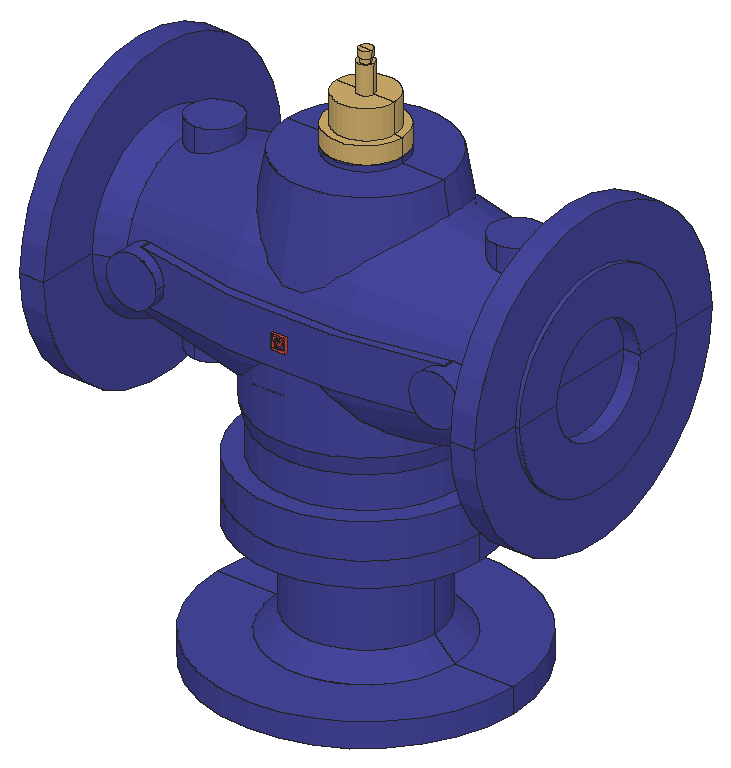
Revit family "Regelventil 4037", category Rohrzubehör, Revit 2021
Family settings
  Bemaßung runder Anschluss = Durchmesser verwenden
  Teiletyp = Unterbricht
  OmniClass-Nummer = 23.65.55.14
  OmniClass-Titel = Valves for Liquid Services
  Arbeitsebenenbasiert = Nein
  Immer vertikal = Ja
  Beim Laden mit Abzugskörper schneiden = Nein
  Gemeinsam genutzt = Nein
Parameters (values of type "kvs63")
  kvs63 = yes
  kvs6.3 = no
  kvs40 = no
  kvs4 = no
  kvs330 = no
  kvs250 = no
  kvs25 = no
  kvs2.5 = no
  kvs160 = no
  kvs16 = no
  kvs100 = no
  kvs10 = no
  kvs1.6 = no
  kvs1 = no
  Vorgabe-Ansicht = 0 mm
  Ventilsitz = "WN1.4021"  # constant formula
  Ventilkegel = "WN1.4021/Messing"  # constant formula
  Ventilcharakteristik = "gleichprozentig"  # constant formula
  URL = "www.herz-armaturen.at"
  Spindel = "WN1.4404"  # constant formula
  SCTWSEQ = "FW;SBT_TYP_FW=\"101\";3"
  SCTWCODE = "04;05;03"  # constant formula
  SCRNSEQ = "ARM;ARM_TYP=\"MISV\";3"
  SCRNCODE = "05;18;03"  # constant formula
  R14 = 4 mm  # constant formula
  R13 = 3 mm  # constant formula
  R12 = 5 mm  # constant formula
  R11 [instance] = size_lookup("4037_", "R11", 18 mm, Nennweite)  # 18 mm
  R10 [instance] = size_lookup("4037_", "R10", 23 mm, Nennweite)  # 23 mm
  R09 [instance] = size_lookup("4037_", "R9", 49 mm, Nennweite)  # 49 mm
  R08 [instance] = R00 + 3 mm  # 68 mm
  R07 [instance] = size_lookup("4037_", "R7", 15.5 mm, Nennweite)  # 15.5 mm
  R06 [instance] = size_lookup("4037_", "R6", 15.5 mm, Nennweite)  # 15.5 mm
  R05 [instance] = size_lookup("4037_", "R5", 62.5 mm, Nennweite)  # 62.5 mm
  R04 [instance] = size_lookup("4037_", "R4", 59.5 mm, Nennweite)  # 59.5 mm
  R03 [instance] = size_lookup("4037_", "R3", 43 mm, Nennweite)  # 71 mm
  R02 [instance] = size_lookup("4037_", "R2", 43 mm, Nennweite)  # 43 mm
  R01 [instance] = size_lookup("4037_", "R1", 55.5 mm, Nennweite)  # 55.5 mm
  R00 [instance] = size_lookup("4037_", "R", 65 mm, Nennweite)  # 65 mm
  PN = 16  # constant formula
  Nennweite [instance] = 65 mm
  Min. Betriebstemperatur = 5 °C  # constant formula
  Medium = "Wasserbeschaffenheit gemäß ÖNORM H 5195 und VDI 2035."
  Max. Betriebstemperatur = 150 °C  # constant formula
  Max. Betriebsdruck = 1600000.0 Pa  # constant formula
  LO1 [instance] = size_lookup("4037_", "LO1", 28.5 mm, Nennweite)  # 68 mm
  L07 [instance] = L06 - R06  # 94.5 mm
  L06 [instance] = size_lookup("4037_", "L6", 110 mm, Nennweite)  # 110 mm
  L05 [instance] = D00  # 92.5 mm
  L04 = 12.5 mm  # constant formula
  L03 = 10 mm  # constant formula
  L02 [instance] = size_lookup("4037_", "L2", 15 mm, Nennweite)  # 15 mm
  L01 = 3 mm  # constant formula
  L00 [instance] = size_lookup("4037_", "L", 145 mm, Nennweite)  # 145 mm
  Hersteller = "Herz-Armaturen GmbH"  # constant formula
  H16 [instance] = size_lookup("4037_", "H16", 22 mm, Nennweite)  # 22 mm
  H15 = 4 mm  # constant formula
  H14 [instance] = size_lookup("4037_", "H14", 17 mm, Nennweite)  # 17 mm
  H13 [instance] = size_lookup("4037_", "H13", 18 mm, Nennweite)  # 18 mm
  H12 [instance] = size_lookup("4037_", "H12", 10.5 mm, Nennweite)  # 10.5 mm
  H11 [instance] = size_lookup("4037_", "H11", 52.5 mm, Nennweite)  # 52.5 mm
  H10 [instance] = size_lookup("4037_", "H10", 135.4 mm, Nennweite)  # 135.4 mm
  H09 = 3 mm  # constant formula
  H08 [instance] = size_lookup("4037_", "H8", 79 mm, Nennweite)  # 79 mm
  H07 [instance] = R00  # 65 mm
  H06 [instance] = size_lookup("4037_", "H6", 59 mm, Nennweite)  # 59 mm
  H05 [instance] = size_lookup("4037_", "H5", 20 mm, Nennweite)  # 20 mm
  H04 [instance] = size_lookup("4037_", "H4", 17 mm, Nennweite)  # 17 mm
  H02 [instance] = size_lookup("4037_", "H2", 38 mm, Nennweite)  # 38 mm
  H01 [instance] = size_lookup("4037_", "H1", 208 mm, Nennweite)  # 208 mm
  H03 [instance] = size_lookup("4037_", "H3", 112 mm, Nennweite)  # 112 mm
  Gewicht [instance] = size_lookup("4037_", "Gewicht", 25, Nennweite)  # 25
  Gehäuse = "EN-GJL-250 (EN 1561)"  # constant formula
  Dichtungsmaterial = "70EPDM"  # constant formula
  DN80 [instance] = Nennweite = 80 mm  # no
  DN65 [instance] = Nennweite = 65 mm  # yes
  DN50 [instance] = Nennweite = 50 mm  # no
  DN40 [instance] = Nennweite = 40 mm  # no
  DN32 [instance] = Nennweite = 32 mm  # no
  DN25 [instance] = Nennweite = 25 mm  # no
  DN150 [instance] = Nennweite = 150 mm  # no
  DN15 [instance] = Nennweite = 15 mm  # no
  DN125 [instance] = Nennweite = 125 mm  # no
  DN100 [instance] = Nennweite = 100 mm  # no
  D02 [instance] = Nennweite / 2  # 32.5 mm
  D01 [instance] = size_lookup("4037_", "D1", 61 mm, Nennweite)  # 61 mm
  D00 [instance] = size_lookup("4037_", "D", 92.5 mm, Nennweite)  # 92.5 mm
  Bestellnummer [instance] = if(and(kvs1, Nennweite = 15 mm), 403701, if(and(kvs1.6, Nennweite = 15 mm), 403711, if(and(kvs2.5, Nennweite = 15 mm), 403721, if(and(kvs4, Nennweite = 15 mm), 403731, if(and(kvs6.3, Nennweite = 25 mm), 403703, if(and(kvs10, Nennweite = 25 mm), 403713, if(and(kvs16, Nennweite = 32 mm), 403704, if(and(kvs25, Nennweite = 40 mm), 403705, if(and(kvs40, Nennweite = 50 mm), 403706, if(and(kvs63, Nennweite = 65 mm), 403707, if(and(kvs100, Nennweite = 80 mm), 403708, if(and(kvs160, Nennweite = 100 mm), 403709, if(and(kvs250, Nennweite = 125 mm), 403710, if(and(kvs330, Nennweite = 150 mm), 403741, 0))))))))))))))  # 403707
  Anwendungsgebiet = "Das Ventil kann in nahezu allen Heizungs-, Lüftungs- und Klimaanlagen sowie für industrielle und technologische\r\nProzesse eingesetzt werden. Das 3-Wege-Flanschventil ist als Mischventil konzipiert. Es kann zum Mischen oder\r\nzur Umschaltung zwischen zwei eintretenden Mediumsströmen verwendet werden. Die Ventilcharakteristik ist\r\ngleichprozentig. Das Regelungsverhältnis (Verhältnis zwischen nominalem und minimalem Durchfluss) beträgt 30:1. Die\r\nAuswahl des Dreiwege-Flanschventils erfolgt entsprechend dem Diagramm über die kvs-Werte."
  Anschlussflansch = "EN 1092-2"  # constant formula
Types (15, lengths in mm): name | kvs63 | kvs6.3 | kvs40 | kvs4 | kvs330 | kvs250 | kvs25 | kvs2.5 | kvs160 | kvs16 | kvs100 | kvs10 | kvs1.6 | kvs1 | R11 | R10 | R09 | R08 | R07 | R06 | R05 | R04 | R03 | R02 | R01 | R00 | Nennweite | LO1 | L07 | L06 | L05 | L02 | L00 | H16 | H14 | H13 | H12 | H11 | H10 | H08 | H07 | H06 | H05 | H04 | H02 | H01 | H03 | Gewicht | DN80 | DN65 | DN50 | DN40 | DN32 | DN25 | DN150 | DN15 | DN125 | DN100 | D02 | D01 | D00 | Bestellnummer
  (no name) | yes | no | no | no | no | no | no | no | no | no | no | no | no | no | 18 | 23 | 49 | 68 | 15.5 | 15.5 | 62.5 | 59.5 | 71 | 43 | 55.5 | 65 | 65 | 68 | 94.5 | 110 | 92.5 | 15 | 145 | 22 | 17 | 18 | 10.5 | 52.5 | 135.4 | 79 | 65 | 59 | 20 | 17 | 38 | 208 | 112 | 25 | no | yes | no | no | no | no | no | no | no | no | 32.5 | 61 | 92.5 | 403707
  kvs1 | no | no | no | no | no | no | no | no | no | no | no | no | no | yes | 10 | 15 | 19.5 | 29.5 | 6 | 6 | 24 | 21 | 32.5 | 14 | 17 | 26.5 | 15 | 27.5 | 34 | 40 | 47.5 | 11 | 65 | 18 | 13 | 14 | 6.8 | 40.8 | 80.3 | 36.5 | 26.5 | 24.5 | 5 | 13 | 11 | 110 | 49 | 5 | no | no | no | no | no | no | no | yes | no | no | 7.5 | 22.5 | 47.5 | 403701
  kvs1.6 | no | no | no | no | no | no | no | no | no | no | no | no | yes | no | 10 | 15 | 19.5 | 29.5 | 6 | 6 | 24 | 21 | 32.5 | 14 | 17 | 26.5 | 15 | 27.5 | 34 | 40 | 47.5 | 11 | 65 | 18 | 13 | 14 | 6.8 | 40.8 | 80.3 | 36.5 | 26.5 | 24.5 | 5 | 13 | 11 | 110 | 49 | 5 | no | no | no | no | no | no | no | yes | no | no | 7.5 | 22.5 | 47.5 | 403711
  kvs2.5 | no | no | no | no | no | no | no | yes | no | no | no | no | no | no | 10 | 15 | 19.5 | 29.5 | 6 | 6 | 24 | 21 | 32.5 | 14 | 17 | 26.5 | 15 | 27.5 | 34 | 40 | 47.5 | 11 | 65 | 18 | 13 | 14 | 6.8 | 40.8 | 80.3 | 36.5 | 26.5 | 24.5 | 5 | 13 | 11 | 110 | 49 | 5 | no | no | no | no | no | no | no | yes | no | no | 7.5 | 22.5 | 47.5 | 403721
  kvs4 | no | no | no | yes | no | no | no | no | no | no | no | no | no | no | 10 | 15 | 19.5 | 29.5 | 6 | 6 | 24 | 21 | 32.5 | 14 | 17 | 26.5 | 15 | 27.5 | 34 | 40 | 47.5 | 11 | 65 | 18 | 13 | 14 | 6.8 | 40.8 | 80.3 | 36.5 | 26.5 | 24.5 | 5 | 13 | 11 | 110 | 49 | 5 | no | no | no | no | no | no | no | yes | no | no | 7.5 | 22.5 | 47.5 | 403731
  kvs6.3 | no | yes | no | no | no | no | no | no | no | no | no | no | no | no | 10 | 15 | 19.5 | 41 | 7 | 7 | 35.5 | 32.5 | 44 | 19.5 | 28.5 | 38 | 25 | 40 | 45 | 52 | 57.5 | 13 | 80 | 20 | 13 | 14 | 6.8 | 40.8 | 88.3 | 44.5 | 38 | 35 | 5 | 15 | 3 | 121 | 64 | 8 | no | no | no | no | no | yes | no | no | no | no | 12.5 | 34 | 57.5 | 403703
  kvs10 | no | no | no | no | no | no | no | no | no | no | no | yes | no | no | 10 | 15 | 19.5 | 41 | 7 | 7 | 35.5 | 32.5 | 44 | 19.5 | 28.5 | 38 | 25 | 40 | 45 | 52 | 57.5 | 13 | 80 | 20 | 13 | 14 | 6.8 | 40.8 | 88.3 | 44.5 | 38 | 35 | 5 | 15 | 3 | 121 | 64 | 8 | no | no | no | no | no | yes | no | no | no | no | 12.5 | 34 | 57.5 | 403713
  kvs16 | no | no | no | no | no | no | no | no | no | yes | no | no | no | no | 10 | 15 | 20.5 | 46 | 9 | 9 | 40.5 | 37.5 | 49 | 24.5 | 33.5 | 43 | 32 | 45 | 51 | 60 | 70 | 13 | 90 | 20 | 17 | 18 | 10.5 | 52.5 | 102 | 46.5 | 43 | 39 | 15 | 15 | 4 | 142 | 84 | 11.5 | no | no | no | no | yes | no | no | no | no | no | 16 | 39 | 70 | 403704
  kvs25 | no | no | no | no | no | no | yes | no | no | no | no | no | no | no | 10 | 15 | 20.5 | 51 | 12 | 12 | 45.5 | 42.5 | 54 | 29 | 38.5 | 48 | 40 | 50 | 56 | 68 | 75 | 13 | 100 | 20 | 17 | 18 | 10.5 | 52.5 | 112 | 56.5 | 48 | 43 | 20 | 15 | 1 | 149 | 94 | 13 | no | no | no | yes | no | no | no | no | no | no | 20 | 44 | 75 | 403705
  kvs63 | yes | no | no | no | no | no | no | no | no | no | no | no | no | no | 18 | 23 | 49 | 68 | 15.5 | 15.5 | 62.5 | 59.5 | 71 | 43 | 55.5 | 65 | 65 | 68 | 94.5 | 110 | 92.5 | 15 | 145 | 22 | 17 | 18 | 10.5 | 52.5 | 135.4 | 79 | 65 | 59 | 20 | 17 | 38 | 208 | 112 | 25 | no | yes | no | no | no | no | no | no | no | no | 32.5 | 61 | 92.5 | 403707
  kvs100 | no | no | no | no | no | no | no | no | no | no | yes | no | no | no | 18 | 23 | 49 | 76 | 15.5 | 15.5 | 70.5 | 67.5 | 79 | 51 | 63.5 | 73 | 80 | 77 | 99.5 | 115 | 100 | 17 | 155 | 24 | 17 | 18 | 10.5 | 52.5 | 168.5 | 113 | 73 | 65 | 20 | 19 | 46 | 233 | 125 | 31 | yes | no | no | no | no | no | no | no | no | no | 40 | 69 | 100 | 403708
  kvs160 | no | no | no | no | no | no | no | no | yes | no | no | no | no | no | 30 | 35 | 61 | 86 | 20.5 | 20.5 | 80.5 | 77.5 | 89 | 61 | 73.5 | 83 | 100 | 88 | 112.5 | 133 | 110 | 17 | 175 | 24 | 21 | 22 | 14.2 | 64.2 | 189.7 | 122.5 | 83 | 73 | 25 | 19 | 65 | 262 | 135 | 46 | no | no | no | no | no | no | no | no | no | yes | 50 | 79 | 110 | 403709
  kvs250 | no | no | no | no | no | yes | no | no | no | no | no | no | no | no | 30 | 35 | 61 | 101 | 20.5 | 20.5 | 95.5 | 92.5 | 104 | 76 | 88.5 | 98 | 125 | 103 | 134.5 | 155 | 125 | 19 | 200 | 26 | 21 | 22 | 14.2 | 64.2 | 231 | 163.5 | 98 | 80 | 30 | 21 | 44 | 268 | 158 | 72 | no | no | no | no | no | no | no | no | yes | no | 62.5 | 94 | 125 | 403710
  kvs330 | no | no | no | no | yes | no | no | no | no | no | no | no | no | no | 30 | 35 | 61 | 113 | 20.5 | 20.5 | 107.5 | 104.5 | 116 | 88 | 100.5 | 110 | 150 | 115 | 174.5 | 195 | 142.5 | 19 | 240 | 26 | 21 | 22 | 14.2 | 64.2 | 237.5 | 170 | 110 | 85 | 25 | 21 | 42 | 261 | 153 | 91 | no | no | no | no | no | no | yes | no | no | no | 75 | 106 | 142.5 | 403741
  kvs40 | no | no | yes | no | no | no | no | no | no | no | no | no | no | no | 18 | 23 | 49 | 56 | 13.5 | 13.5 | 52.5 | 49.5 | 61 | 34 | 45.5 | 53 | 50 | 56 | 66.5 | 80 | 82.5 | 15 | 115 | 20 | 17 | 18 | 10.5 | 52.5 | 122 | 66.5 | 53 | 43 | 1 | 15 | 42 | 167 | 67 | 16 | no | no | yes | no | no | no | no | no | no | no | 25 | 51 | 82.5 | 403706
Reference planes
  plane 1 "Mitte (Vorne/hinten)": y = 0
  plane 2: z = 0
  plane 3 "Mitte (Links/rechts)": x = 0
Forms (mm)
  Revolve 1, solid, material "kunststoff-BLAU", detail levels fine
    sketch origin (1065, 0, 0) x (1, 0, 0) y (0, 1, 0)
      loop
        line (-1207, 61) -> (-1210, 61) -> (-1210, 32.5) -> (-1200, 32.5) -> (-1200, 0) -> (-930, 0) -> (-930, 32.5) -> (-920, 32.5) -> (-920, 61) -> (-923, 61) -> (-923, 92.5) -> (-938, 92.5) -> (-938, 55.5) -> (-955, 49.943)
        arc (-955, 49.943) -> (-1065, 65) -> (-1175, 49.943) r 409.331
        line (-1175, 49.943) -> (-1192, 55.5) -> (-1192, 92.5) -> (-1207, 92.5) -> (-1207, 61)
      axis (-920, 0) -> (-1210, 0)
    angle from 0 to 360
  Extrusion 2, solid, material "kunststoff-BLAU", detail levels fine
    sketch origin (0, 0, 0) x (-1, 0, 0) y (0, 0, -1)
      loop
        circle (94.5, 0) r 15.5
      loop
        circle (-94.5, 0) r 15.5
    from -65 to 65
  Extrusion 3, solid, material "kunststoff-BLAU", visible <- "DN65", detail levels fine
    sketch origin (0, 0, 0) x (1, 0, 0) y (0, 1, 0)
      loop
        arc (-95, -56.907) -> (0, -68) -> (95, -56.907) r 412.331
        line (95, -56.907) -> (95, 56.907)
        arc (95, 56.907) -> (0, 68) -> (-95, 56.907) r 412.331
        line (-95, 56.907) -> (-95, -56.907)
    from -15.5 to 15.5
  Revolve 4, solid, material "kunststoff-BLAU", detail levels fine
    sketch origin (0, 0, 0) x (1, 0, 0) y (0, 0, 1)
      loop
        line (-49, 79) -> (-62.5, 0) -> (0, 0) -> (0, 82) -> (-23, 82) -> (-23, 79) -> (-49, 79)
      axis (0, 82) -> (0, 0)
    angle from 0 to 360
  Revolve 5, solid, material "kunststoff-BLAU", detail levels fine
    sketch origin (0, 0, 0) x (1, 0, 0) y (0, 0, 1)
      loop
        line (0, 0) -> (-62.5, 0) -> (-62.5, -59) -> (-59.5, -70) -> (-59.5, -90) -> (-71, -90) -> (-71, -112) -> (0, -112) -> (0, 0)
      axis (0, 0) -> (0, -112)
    angle from 0 to 360
  Revolve 6, solid, material "kunststoff-BLAU", detail levels fine
    sketch origin (0, 0, 0) x (1, 0, 0) y (0, 0, 1)
      loop
        line (-61, -205) -> (-61, -208) -> (-32.5, -208) -> (-32.5, -198) -> (0, -198) -> (0, -112) -> (-71, -112) -> (-71, -127) -> (-55.5, -127) -> (-43, -139.5) -> (-43, -177.5) -> (-55.5, -190) -> (-92.5, -190) -> (-92.5, -205) -> (-61, -205)
      axis (0, -112) -> (0, -208)
    angle from 0 to 360
  Extrusion 7, solid, material "kunststoff-BLAU", detail levels fine
    sketch origin (0, 0, 0) x (0, -1, 0) y (1, 0, 0)
      loop
        circle (0, -94.5) r 15.5
      loop
        circle (0, 94.5) r 15.5
    from -65 to 65
  Extrusion 8, solid, material "kunststoff-BLAU", visible <- "DN150", detail levels fine
    sketch origin (0, 0, 0) x (1, 0, 0) y (0, 1, 0)
      loop
        arc (-179.5, -78.475) -> (0, -115) -> (179.5, -78.475) r 459.331
        line (179.5, -78.475) -> (179.5, 78.475)
        arc (179.5, 78.475) -> (0, 115) -> (-179.5, 78.475) r 459.331
        line (-179.5, 78.475) -> (-179.5, -78.475)
    from -20.5 to 20.5
  Extrusion 9, solid, material "kunststoff-BLAU", visible <- "DN125", detail levels fine
    sketch origin (0, 0, 0) x (1, 0, 0) y (0, 1, 0)
      loop
        arc (-134.5, -82.301) -> (0, -103) -> (134.5, -82.301) r 447.331
        line (134.5, -82.301) -> (134.5, 82.301)
        arc (134.5, 82.301) -> (0, 103) -> (-134.5, 82.301) r 447.331
        line (-134.5, 82.301) -> (-134.5, -82.301)
    from -20.5 to 20.5
  Extrusion 10, solid, material "kunststoff-BLAU", visible <- "DN100", detail levels fine
    sketch origin (0, 0, 0) x (1, 0, 0) y (0, 1, 0)
      loop
        arc (-112.5, -73.106) -> (0, -88) -> (112.5, -73.106) r 432.331
        line (112.5, -73.106) -> (112.5, 73.106)
        arc (112.5, 73.106) -> (0, 88) -> (-112.5, 73.106) r 432.331
        line (-112.5, 73.106) -> (-112.5, -73.106)
    from -20.5 to 20.5
  Extrusion 11, solid, material "kunststoff-BLAU", visible <- "DN80", detail levels fine
    sketch origin (0, 0, 0) x (1, 0, 0) y (0, 1, 0)
      loop
        line (99.5, -65.083) -> (99.5, 65.083)
        arc (99.5, 65.083) -> (0, 77) -> (-99.5, 65.083) r 421.331
        line (-99.5, 65.083) -> (-99.5, -65.083)
        arc (-99.5, -65.083) -> (0, -77) -> (99.5, -65.083) r 421.331
    from -15.5 to 15.5
  Extrusion 12, solid, material "kunststoff-BLAU", visible <- "DN50", detail levels fine
    sketch origin (0, 0, 0) x (1, 0, 0) y (0, 1, 0)
      loop
        arc (-66.5, -50.44) -> (0, -56.006) -> (66.5, -50.44) r 400.05
        line (66.5, -50.44) -> (66.5, 50.44)
        arc (66.5, 50.44) -> (0, 56.006) -> (-66.5, 50.44) r 400.05
        line (-66.5, 50.44) -> (-66.5, -50.44)
    from -13.5 to 13.5
  Extrusion 13, solid, material "kunststoff-BLAU", visible <- "DN40", detail levels fine
    sketch origin (0, 0, 0) x (1, 0, 0) y (0, 1, 0)
      loop
        arc (-56, -46.003) -> (0, -50) -> (56, -46.003) r 394.331
        line (56, -46.003) -> (56, 46.003)
        arc (56, 46.003) -> (0, 50) -> (-56, 46.003) r 394.331
        line (-56, 46.003) -> (-56, -46.003)
    from -12 to 12
  Extrusion 14, solid, material "kunststoff-BLAU", visible <- "DN32", detail levels fine
    sketch origin (0, 0, 0) x (1, 0, 0) y (0, 1, 0)
      loop
        arc (-51, -41.645) -> (0, -45) -> (51, -41.645) r 389.331
        line (51, -41.645) -> (51, 41.645)
        arc (51, 41.645) -> (0, 45) -> (-51, 41.645) r 389.331
        line (-51, 41.645) -> (-51, -41.645)
    from -9 to 9
  Extrusion 15, solid, material "kunststoff-BLAU", visible <- "DN25", detail levels fine
    sketch origin (0, 0, 0) x (1, 0, 0) y (0, 1, 0)
      loop
        line (45, -37.356) -> (45, 37.356)
        arc (45, 37.356) -> (0, 40) -> (-45, 37.356) r 384.331
        line (-45, 37.356) -> (-45, -37.356)
        arc (-45, -37.356) -> (0, -40) -> (45, -37.356) r 384.331
    from -7 to 7
  Extrusion 16, solid, material "kunststoff-BLAU", visible <- "DN15", detail levels fine
    sketch origin (0, 0, 0) x (1, 0, 0) y (0, 1, 0)
      loop
        line (-34, 25.942) -> (-34, -25.942)
        arc (-34, -25.942) -> (0, -27.5) -> (34, -25.942) r 371.831
        line (34, -25.942) -> (34, 25.942)
        arc (34, 25.942) -> (0, 27.5) -> (-34, 25.942) r 371.831
    from -6 to 6
  Revolve 17, solid, material "Messing-poliert", detail levels fine
    sketch origin (0, 0, 0) x (1, 0, 0) y (0, 0, 1)
      loop
        line (-23, 93.4) -> (-23, 82.9) -> (0, 82.9) -> (0, 135.4) -> (-4, 135.4) -> (-4, 131.4) -> (-3, 131.4) -> (-3, 128.4) -> (-5, 128.4) -> (-5, 111.4) -> (-18, 111.4) -> (-18, 93.4) -> (-23, 93.4)
      axis (0, 135.4) -> (0, 82.9)
    angle from 0 to 360
Lines and regions (mm)
  model lines, detail levels coarse+medium
    curve 1: line (-145, 0, 92.5) -> (-145, 0, -92.5)
    curve 2: line (-145, 0, -92.5) -> (145, 0, 92.5)
    curve 3: line (145, 0, 92.5) -> (145, 0, -92.5)
    curve 4: line (145, 0, -92.5) -> (-145, 0, 92.5)
    curve 5: line (0, 0, 0) -> (92.5, 0, -208)
    curve 6: line (92.5, 0, -208) -> (-92.5, 0, -208)
    curve 7: line (-92.5, 0, -208) -> (0, 0, 0)
    curve 8: line (-145, 92.5, 0) -> (-145, -92.5, 0)
    curve 9: line (-145, -92.5, 0) -> (145, 92.5, 0)
    curve 10: line (145, 92.5, 0) -> (145, -92.5, 0)
    curve 11: line (145, -92.5, 0) -> (-145, 92.5, 0)
    curve 12: line (0, 0, 0) -> (92.5, -208, 0)
    curve 13: line (92.5, -208, 0) -> (-92.5, -208, 0)
    curve 14: line (-92.5, -208, 0) -> (0, 0, 0)
Dimensions and locks
  "L00": Revolve 1 sketch curve to plane 3 "Mitte (Links/rechts)" to Revolve 1 sketch curve
  "D00": plane 1 "Mitte (Vorne/hinten)" to Revolve 1 sketch curve  (x2)
  "D02": plane 1 "Mitte (Vorne/hinten)" to Revolve 1 sketch curve  (x2)
  "L01": Revolve 1 sketch curve to Revolve 1 sketch curve  (x2)
  "L02": Revolve 1 sketch curve to Revolve 1 sketch curve  (x2)
  "D01": plane 1 "Mitte (Vorne/hinten)" to Revolve 1 sketch curve  (x2)
  "R01": plane 1 "Mitte (Vorne/hinten)" to Revolve 1 sketch curve  (x2)
  "R00": Revolve 1 sketch curve to Revolve 1 sketch curve
  "L03": Revolve 1 sketch curve to Revolve 1 sketch curve  (x2)
  "D02": plane 3 "Mitte (Links/rechts)" to Revolve 6 sketch curve
  "R02": plane 3 "Mitte (Links/rechts)" to Revolve 6 sketch curve
  "R01": plane 3 "Mitte (Links/rechts)" to Revolve 6 sketch curve  (x2)
  "D01": plane 3 "Mitte (Links/rechts)" to Revolve 6 sketch curve
  "D00": plane 3 "Mitte (Links/rechts)" to Revolve 6 sketch curve
  "H01": plane 2 to Revolve 6 sketch curve
  "L01": Revolve 6 sketch curve to Revolve 6 sketch curve
  "L02": Revolve 6 sketch curve to Revolve 6 sketch curve  (x2)
  "L03": Revolve 6 sketch curve to Revolve 6 sketch curve
  "R03": plane 3 "Mitte (Links/rechts)" to Revolve 6 sketch curve
  "L04": Revolve 6 sketch curve to Revolve 6 sketch curve  (x2)
  "R03": Revolve 5 sketch curve to Revolve 5 sketch curve
  "H03": plane 2 to Revolve 5 sketch curve
  "H06": Revolve 5 sketch curve to Revolve 5 sketch curve
  "R04": Revolve 5 sketch curve to Revolve 5 sketch curve
  "R05": Revolve 5 sketch curve to Revolve 5 sketch curve
  "H05": Revolve 5 sketch curve to Revolve 5 sketch curve
  "L06": Revolve 1 sketch curve to plane 3 "Mitte (Links/rechts)" to Revolve 1 sketch curve
  "H03": plane 2 to Revolve 6 sketch curve
  "R09": Revolve 4 sketch curve to Revolve 4 sketch curve
  "R05": Revolve 4 sketch curve to Revolve 4 sketch curve
  "H07": Extrusion 7 to plane 2 to Extrusion 7  (x2)
  "L07": plane 3 "Mitte (Links/rechts)" to Extrusion 7 sketch curve
  "L07": Extrusion 7 sketch curve to plane 3 "Mitte (Links/rechts)"
  "H07": Extrusion 2 to plane 1 "Mitte (Vorne/hinten)"  (x3)
  "L07": plane 3 "Mitte (Links/rechts)" to Extrusion 2 sketch curve
  "L07": Extrusion 2 sketch curve to plane 3 "Mitte (Links/rechts)"
  "H07": plane 1 "Mitte (Vorne/hinten)" to Extrusion 2
  "H08": Revolve 4 sketch curve to plane 2
  "H09": Revolve 4 sketch curve to Revolve 4 sketch curve
  "R10": plane 3 "Mitte (Links/rechts)" to Revolve 4 sketch curve
  "H11": Revolve 17 sketch curve to Revolve 17 sketch curve
  "H10": Revolve 17 sketch curve to plane 2
  "R10": plane 3 "Mitte (Links/rechts)" to Revolve 17 sketch curve
  "H12": Revolve 17 sketch curve to Revolve 17 sketch curve
  "H13": Revolve 17 sketch curve to Revolve 17 sketch curve
  "H14": Revolve 17 sketch curve to Revolve 17 sketch curve
  "H15": Revolve 17 sketch curve to Revolve 17 sketch curve
  "R14": plane 3 "Mitte (Links/rechts)" to Revolve 17 sketch curve
  "R13": plane 3 "Mitte (Links/rechts)" to Revolve 17 sketch curve
  "R11": plane 3 "Mitte (Links/rechts)" to Revolve 17 sketch curve
  "R12": plane 3 "Mitte (Links/rechts)" to Revolve 17 sketch curve
  "LO1": nested 1 to plane 1 "Mitte (Vorne/hinten)"
  "H16": Revolve 5 sketch curve to Revolve 6
  "L00": curve 1 to plane 3 "Mitte (Links/rechts)" to curve 3
  "D00": curve 3 to plane 2 to curve 4
  "D00": curve 4 to plane 2 to curve 2
  "H01": plane 2 to curve 6
  "D00": curve 6 to plane 3 "Mitte (Links/rechts)" to curve 7
  "L00": curve 8 to plane 3 "Mitte (Links/rechts)" to curve 10
  "D00": curve 11 to plane 1 "Mitte (Vorne/hinten)" to curve 10
  "D00": curve 9 to plane 1 "Mitte (Vorne/hinten)" to curve 11
  "H01": curve 13 to plane 1 "Mitte (Vorne/hinten)"
  "D00": curve 14 to plane 3 "Mitte (Links/rechts)" to curve 13
  "R06": radius of Extrusion 7 sketch curve  (x2)
  "R07": radius of Extrusion 2 sketch curve  (x2)
  aligned and locked: level to plane 2
Automatic sketch dimensions
  Extrusion 3 sketch curve to plane 1 "Mitte (Vorne/hinten)" = 56.907 mm  (x2)
  Extrusion 3 sketch curve to plane 3 "Mitte (Links/rechts)" = 0 mm  (x2)
  Extrusion 3 sketch curve to Extrusion 3 sketch curve = 113.814 mm
  Extrusion 3 sketch curve to Extrusion 3 sketch curve = 287.425 mm
  Extrusion 3 sketch curve to plane 1 "Mitte (Vorne/hinten)" = 344.331 mm
  plane 3 "Mitte (Links/rechts)" to Extrusion 3 sketch curve = 95 mm
  Extrusion 8 sketch curve to plane 3 "Mitte (Links/rechts)" = 0 mm  (x2)
  Extrusion 8 sketch curve to plane 1 "Mitte (Vorne/hinten)" = 78.475 mm  (x2)
  plane 1 "Mitte (Vorne/hinten)" to Extrusion 8 sketch curve = 78.475 mm
  Extrusion 8 sketch curve to plane 3 "Mitte (Links/rechts)" = 179.5 mm
  Extrusion 8 sketch curve to Extrusion 8 sketch curve = 265.857 mm
  Extrusion 8 sketch curve to plane 1 "Mitte (Vorne/hinten)" = 344.331 mm
  plane 3 "Mitte (Links/rechts)" to Extrusion 9 sketch curve = 134.5 mm
  plane 1 "Mitte (Vorne/hinten)" to Extrusion 9 sketch curve = 82.301 mm  (x2)
  Extrusion 9 sketch curve to plane 3 "Mitte (Links/rechts)" = 0 mm  (x2)
  Extrusion 9 sketch curve to Extrusion 9 sketch curve = 262.031 mm  (x2)
  Extrusion 9 sketch curve to plane 1 "Mitte (Vorne/hinten)" = 82.301 mm
  Extrusion 10 sketch curve to plane 3 "Mitte (Links/rechts)" = 0 mm  (x2)
  plane 1 "Mitte (Vorne/hinten)" to Extrusion 10 sketch curve = 73.106 mm
  Extrusion 10 sketch curve to plane 3 "Mitte (Links/rechts)" = 112.5 mm
  Extrusion 10 sketch curve to Extrusion 10 sketch curve = 271.225 mm
  Extrusion 10 sketch curve to plane 1 "Mitte (Vorne/hinten)" = 344.331 mm
  Extrusion 10 sketch curve to plane 1 "Mitte (Vorne/hinten)" = 73.106 mm  (x2)
  Extrusion 11 sketch curve to plane 3 "Mitte (Links/rechts)" = 0 mm  (x2)
  plane 1 "Mitte (Vorne/hinten)" to Extrusion 11 sketch curve = 65.083 mm  (x2)
  Extrusion 11 sketch curve to plane 3 "Mitte (Links/rechts)" = 99.5 mm
  Extrusion 11 sketch curve to Extrusion 11 sketch curve = 279.249 mm
  Extrusion 11 sketch curve to plane 1 "Mitte (Vorne/hinten)" = 344.331 mm
  Extrusion 11 sketch curve to plane 1 "Mitte (Vorne/hinten)" = 65.083 mm
  Extrusion 12 sketch curve to plane 3 "Mitte (Links/rechts)" = 0 mm  (x2)
  Extrusion 12 sketch curve to plane 3 "Mitte (Links/rechts)" = 66.5 mm
  plane 3 "Mitte (Links/rechts)" to Extrusion 12 sketch curve = 66.5 mm
  plane 1 "Mitte (Vorne/hinten)" to Extrusion 12 sketch curve = 344.044 mm
  plane 1 "Mitte (Vorne/hinten)" to Extrusion 12 sketch curve = 50.44 mm
  Extrusion 12 sketch curve to plane 1 "Mitte (Vorne/hinten)" = 50.44 mm
  Extrusion 12 sketch curve to Extrusion 12 sketch curve = 293.604 mm
  Extrusion 13 sketch curve to plane 3 "Mitte (Links/rechts)" = 0 mm  (x2)
  Extrusion 13 sketch curve to plane 3 "Mitte (Links/rechts)" = 56 mm
  plane 3 "Mitte (Links/rechts)" to Extrusion 13 sketch curve = 56 mm
  plane 1 "Mitte (Vorne/hinten)" to Extrusion 13 sketch curve = 344.331 mm
  plane 1 "Mitte (Vorne/hinten)" to Extrusion 13 sketch curve = 46.003 mm
  Extrusion 13 sketch curve to plane 1 "Mitte (Vorne/hinten)" = 46.003 mm
  Extrusion 13 sketch curve to Extrusion 13 sketch curve = 298.328 mm
  Extrusion 14 sketch curve to plane 3 "Mitte (Links/rechts)" = 0 mm  (x2)
  Extrusion 14 sketch curve to plane 3 "Mitte (Links/rechts)" = 51 mm
  plane 3 "Mitte (Links/rechts)" to Extrusion 14 sketch curve = 51 mm
  plane 1 "Mitte (Vorne/hinten)" to Extrusion 14 sketch curve = 344.331 mm
  plane 1 "Mitte (Vorne/hinten)" to Extrusion 14 sketch curve = 41.645 mm
  Extrusion 14 sketch curve to plane 1 "Mitte (Vorne/hinten)" = 41.645 mm
  Extrusion 14 sketch curve to Extrusion 14 sketch curve = 302.686 mm
  Extrusion 15 sketch curve to plane 3 "Mitte (Links/rechts)" = 0 mm  (x2)
  Extrusion 15 sketch curve to plane 3 "Mitte (Links/rechts)" = 45 mm
  plane 3 "Mitte (Links/rechts)" to Extrusion 15 sketch curve = 45 mm
  plane 1 "Mitte (Vorne/hinten)" to Extrusion 15 sketch curve = 344.331 mm
  plane 1 "Mitte (Vorne/hinten)" to Extrusion 15 sketch curve = 37.356 mm
  Extrusion 15 sketch curve to plane 1 "Mitte (Vorne/hinten)" = 37.356 mm
  Extrusion 15 sketch curve to Extrusion 15 sketch curve = 306.975 mm
  Extrusion 16 sketch curve to plane 3 "Mitte (Links/rechts)" = 0 mm  (x2)
  Extrusion 16 sketch curve to plane 3 "Mitte (Links/rechts)" = 34 mm
  plane 3 "Mitte (Links/rechts)" to Extrusion 16 sketch curve = 34 mm
  plane 1 "Mitte (Vorne/hinten)" to Extrusion 16 sketch curve = 344.331 mm
  plane 1 "Mitte (Vorne/hinten)" to Extrusion 16 sketch curve = 25.942 mm
  Extrusion 16 sketch curve to plane 1 "Mitte (Vorne/hinten)" = 25.942 mm
  Extrusion 16 sketch curve to Extrusion 16 sketch curve = 318.389 mm
  curve 5 to level = 0 mm
  plane 1 "Mitte (Vorne/hinten)" to curve 12 = 0 mm
  Revolve 1 sketch curve to plane 1 "Mitte (Vorne/hinten)" = 0 mm
  Revolve 1 sketch curve to plane 3 "Mitte (Links/rechts)" = 0 mm
  plane 1 "Mitte (Vorne/hinten)" to Revolve 1 sketch curve = 0 mm
  plane 1 "Mitte (Vorne/hinten)" to Revolve 1 sketch curve = 344.331 mm
  Revolve 1 sketch curve to Revolve 1 sketch curve = 1855 mm  (x2)
  Extrusion 2 sketch curve to level = 0 mm  (x2)
  Revolve 4 sketch curve to level = 0 mm
  Revolve 4 sketch curve to plane 3 "Mitte (Links/rechts)" = 0 mm  (x2)
  Revolve 4 sketch curve to Revolve 4 sketch curve = 366.045 mm
  Revolve 4 sketch curve to Revolve 4 sketch curve = 2132.315 mm
  Revolve 5 sketch curve to level = 0 mm
  Revolve 5 sketch curve to plane 3 "Mitte (Links/rechts)" = 0 mm  (x2)
  Revolve 5 sketch curve to Revolve 5 sketch curve = 254.045 mm
  level to Revolve 5 sketch curve = 2214.315 mm
  Revolve 6 sketch curve to plane 3 "Mitte (Links/rechts)" = 0 mm  (x2)
  Revolve 6 sketch curve to Revolve 6 sketch curve = 158.045 mm
  level to Revolve 6 sketch curve = 2214.315 mm
  plane 1 "Mitte (Vorne/hinten)" to Extrusion 7 sketch curve = 0 mm  (x2)
  Revolve 17 sketch curve to plane 3 "Mitte (Links/rechts)" = 0 mm  (x2)
  Revolve 17 sketch curve to level = 366.045 mm
  Revolve 17 sketch curve to Revolve 17 sketch curve = 2079.815 mm
Nested families
  nested 1: "Herz-Logo-vorne" at (-0.018, -68, 0) x (0, 1, 0) z (0, 0, 1), type "Herz-Logo-vorne", detail levels fine
Connectors
  piping at (-145, 0, 0), diameter 65, driven by "Nennweite"
    settings: on Revolve 1, index 1, connector inside diameter 609.6 mm, connector length 0 mm, flow factor 0, pipe flow 0.0 L/s, pressure drop 0.0 Pa, fitting loss kfactor 0, connector angle 0.00°, fixture units 0, engagement length 0 mm, angle of deflection 0.00°, flow configuration 0, flow direction 1, fitting loss method 0, system type 29, joint type 0, gender type 0, connector reference index -1, connector utility 0, adjustable connector no, is connector primary yes, connector description ""
  piping at (145, 0, 0), diameter 65, driven by "Nennweite"
    settings: on Revolve 1, index 2, connector inside diameter 609.6 mm, connector length 0 mm, flow factor 0, pipe flow 0.0 L/s, pressure drop 0.0 Pa, fitting loss kfactor 0, connector angle 0.00°, fixture units 0, engagement length 0 mm, angle of deflection 0.00°, flow configuration 0, flow direction 2, fitting loss method 0, system type 29, joint type 0, gender type 0, connector reference index -1, connector utility 0, adjustable connector no, is connector primary no, connector description ""
  piping at (0, 0, -208), diameter 65, driven by "Nennweite"
    settings: on Revolve 6, index 3, connector inside diameter 609.6 mm, connector length 0 mm, flow factor 0, pipe flow 0.0 L/s, pressure drop 0.0 Pa, fitting loss kfactor 0, connector angle 0.00°, fixture units 0, engagement length 0 mm, angle of deflection 0.00°, flow configuration 0, flow direction 1, fitting loss method 0, system type 29, joint type 0, gender type 0, connector reference index -1, connector utility 0, adjustable connector no, is connector primary no, connector description ""
Definition of nested family "Herz-Logo-vorne"
  Parameters (values of type "Herz-Logo-vorne")
    Default Elevation = 0 mm
  Reference planes
    plane 1 "Mitte (Vorne/hinten)": y = 0
    plane 2: z = 0
    plane 3 "Mitte (Links/rechts)": x = 0
  Forms (mm)
    Extrusion 1, solid
      sketch origin (0.732, -0.018, 0.017) x (0, -1, 0) y (0, 0, 1)
        loop
          line (-0.018, -4.517) -> (4.482, -4.517) -> (4.482, 4.483) -> (-4.518, 4.483) -> (-4.518, -4.517) -> (-0.018, -4.517)
        loop
          line (-0.05, -3.48) -> (3.482, -3.48) -> (3.482, 3.483) -> (-3.518, 3.483) -> (-3.518, -3.48) -> (-0.05, -3.48)
        loop
          arc (-0.018, 2.383) -> (-1.543, 3.287) -> (-3.067, 2.383) r 1.738
          arc (-3.067, 2.383) -> (-3.191, 1.899) -> (-3.067, 1.415) r 1.009
          line (-3.067, 1.415) -> (-0.018, -3.281) -> (3.032, 1.415)
          arc (3.032, 1.415) -> (3.156, 1.899) -> (3.032, 2.383) r 1.009
          arc (3.032, 2.383) -> (1.507, 3.287) -> (-0.018, 2.383) r 1.738
        loop
          arc (1.885, 1.272) -> (2.005, 1.675) -> (1.885, 2.079) r 0.74
          arc (1.885, 2.079) -> (1.265, 2.416) -> (0.644, 2.079) r 0.74
          line (0.644, 2.079) -> (-0.018, 0.97) -> (-0.679, 2.079)
          arc (-0.679, 2.079) -> (-1.3, 2.416) -> (-1.921, 2.079) r 0.74
          arc (-1.921, 2.079) -> (-2.04, 1.675) -> (-1.921, 1.272) r 0.74
          line (-1.921, 1.272) -> (-0.018, -1.658) -> (1.885, 1.272)
      from 0 to 1.5
  Dimensions and locks
    aligned and locked: level to plane 2
